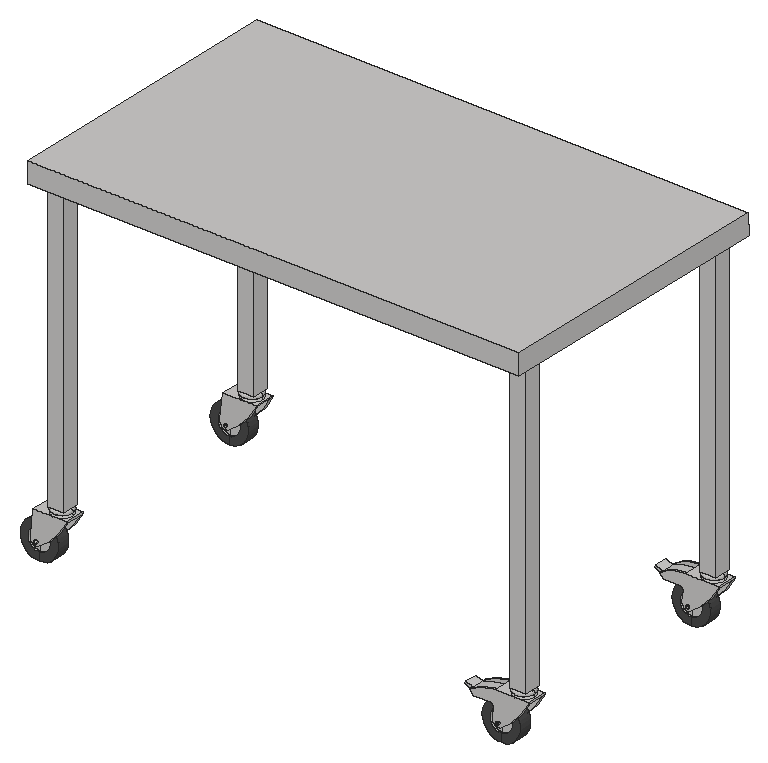
Revit family "QF_ZANUSSI_132835_TG1200PR", category Attrezzature speciali, Revit 2020
Family settings
  Quota connettore circolare = Usa diametro
  Tipo di parte = Normale
  Basato su piano di lavoro = No
  Sempre verticale = Sì
  Taglio con vuoti quando caricato = No
  Condiviso = No
  Punto di calcolo locali = No
Parameters (values of type "Standard")
  Weight = 40.00 kg
  Watts = 0 W
  Volts = 0 V
  URL Manufacturer = "http://www.zanussiprofessional.com"
  URL = "http://www.zanussiprofessional.com"
  Steam Supply Size = 0 mm
  Steam Supply Minimum Pressure = 0.0 Pa
  Steam Supply Maximum Pressure = 0.0 Pa
  Steam Consumption per Hour = 0
  Refrigeration Suction Line Size = 0.0 mm
  Refrigeration Liquid Line Size = 0.0 mm
  Refrigerant Compressor Remote = yes
  Prospetto di default = 0.0 mm
  Produttore = "Zanussi"
  Phase = 0
  Modello = "TG1200PR"
  Length Actual = 1200.0 mm  # constant formula
  Item Number = "132835"
  Hot Water Size = 0 mm
  Height Actual = 900.0 mm  # constant formula
  HP = "0 HP"
  Gas Size = 0 mm
  Gas KW = 0
  Gas Input Pressure = 0 W
  Direct Waste Size = 0 mm
  Descrizione = "WORK TABLE ON WHEELS 1200MM H900"
  Depth Actual = 700.0 mm  # constant formula
  Cycle = 0 Hz
  Condensate Return Size = 0 mm
  Compressed Air Volume = 0.0 L/s
  Compressed Air Size = 0 mm
  Compressed Air Pressure = 0.0 Pa
  Cold Water Size = 0 mm
  Accessory = yes
Reference planes
  plane 1 "Center (Front/Back)": y = 0
  plane 2: z = 0
  plane 3 "Center (Left/Right)": x = 0
  plane 4 "LEFT": x = -600
  plane 5 "RIGHT": x = 600
  plane 6 "BACK": y = 350
  plane 7 "FRONT": y = -350
  plane 8 "Base": z = 850
  plane 9 "TOP": z = 900
  plane 10: x = -564.5
  plane 11: x = 564.5
  plane 12: y = 290
  plane 13: y = -290
Forms (mm)
  Extrusion 1, solid, material "QF_Finishes_Stainless Steel"
    sketch origin (0, 0, 900) x (0, 1, 0) y (-1, 0, 0)
      loop
        line (350, 600) -> (-350, 600) -> (-350, -600) -> (350, -600) -> (350, 600)
    from 0 to -50
  Extrusion 2, solid, material "QF_Finishes_Stainless Steel"
    sketch origin (0, 0, 0) x (0, 1, 0) y (0, 0, 1)
      loop
        line (350, 900) -> (-350, 900) -> (-350, 850) -> (350, 850) -> (350, 900)
    from 600 to -600
Lines and regions (mm)
  symbolic lines
    curve 1: line (600, 350, 900) -> (-600, 350, 900)
    curve 2: line (-600, 350, 900) -> (-600, -350, 900)
    curve 3: line (-600, -350, 900) -> (600, -350, 900)
    curve 4: line (600, -350, 900) -> (600, 350, 900)
Dimensions and locks
  plane 4 "LEFT" to plane 5 "RIGHT" = 1200.0 mm
  equal spacing: plane 4 "LEFT", plane 3 "Center (Left/Right)", plane 5 "RIGHT"
  equal spacing: plane 6 "BACK", plane 1 "Center (Front/Back)", plane 7 "FRONT"
  plane 6 "BACK" to plane 7 "FRONT" = 700.0 mm
  plane 8 "Base" to level = 850.0 mm
  plane 9 "TOP" to level = 900.0 mm
  plane 6 "BACK" to plane 12 = 60.0 mm
  plane 13 to plane 7 "FRONT" = 60.0 mm
  plane 4 "LEFT" to plane 10 = 35.5 mm
  plane 11 to plane 5 "RIGHT" = 35.5 mm
  plane 10 to plane 11 = 1129.0 mm
  plane 12 to plane 13 = 580.0 mm
  aligned and locked: level to plane 2
  aligned and locked: plane 10 to nested 1
  aligned and locked: nested 1 to plane 13
  aligned and locked: plane 11 to nested 2
  aligned and locked: nested 2 to plane 13
  aligned and locked: plane 11 to nested 4
  aligned and locked: nested 4 to plane 12
  aligned and locked: plane 10 to nested 3
  aligned and locked: nested 3 to plane 12
  aligned and locked: Extrusion 1 sketch curve to plane 6 "BACK"
  aligned and locked: Extrusion 1 sketch curve to plane 4 "LEFT"
  aligned and locked: Extrusion 1 sketch curve to plane 7 "FRONT"
  aligned and locked: Extrusion 1 sketch curve to plane 5 "RIGHT"
  aligned and locked: plane 12 to nested 6
  aligned and locked: plane 11 to nested 6
  aligned and locked: plane 13 to nested 5
  aligned and locked: plane 10 to nested 5
  aligned and locked: plane 12 to nested 7
  aligned and locked: plane 10 to nested 7
  aligned and locked: plane 11 to nested 8
  aligned and locked: plane 13 to nested 8
  aligned and locked: Extrusion 2 sketch curve to plane 6 "BACK"
  aligned and locked: Extrusion 2 sketch curve to plane 9 "TOP"
  aligned and locked: plane 8 "Base" to Extrusion 2 sketch curve
  aligned and locked: plane 7 "FRONT" to Extrusion 2 sketch curve
  aligned and locked: Extrusion 2 to plane 4 "LEFT"
  aligned and locked: plane 5 "RIGHT" to Extrusion 2
  aligned and locked: plane 6 "BACK" to Extrusion 2
  aligned and locked: Extrusion 2 to plane 7 "FRONT"
Automatic sketch dimensions
  curve 2 to plane 4 "LEFT" = 0.0 mm
  curve 2 to plane 7 "FRONT" = 0.0 mm
  curve 2 to plane 6 "BACK" = 0.0 mm
  curve 1 to plane 5 "RIGHT" = 0.0 mm
Nested families
  nested 1: "FEET_40x40_WHEEL" at (-564.5, -290, 0), type "FEET_40x40_WHEEL"
  nested 2: "FEET_40x40_WHEEL" at (564.5, -290, 0), type "FEET_40x40_WHEEL"
  nested 3: "FEET_40x40_WHEEL" at (-564.5, 290, 0), type "FEET_40x40_WHEEL"
  nested 4: "FEET_40x40_WHEEL" at (564.5, 290, 0), type "FEET_40x40_WHEEL"
  nested 5: "WHEEL130" at (-564.5, -190.35, 0), type "WHEEL130"
    with Type Mark "", Status "", Specification by User "", Revision Code "", Installed By "", Identify Quantity as Lot yes, Furnished By "", Foodservice Equipment Identifier yes
  nested 6: "WHEEL130_LOCKED" at (564.5, 389.65, 0), type "WHEEL130_LOCKED"
    with Type Mark "", Status "", Specification by User "", Revision Code "", Installed By "", Identify Quantity as Lot yes, Furnished By "", Foodservice Equipment Identifier yes
  nested 7: "WHEEL130" at (-564.5, 389.65, 0), type "WHEEL130"
    with Type Mark "", Status "", Specification by User "", Revision Code "", Installed By "", Identify Quantity as Lot yes, Furnished By "", Foodservice Equipment Identifier yes
  nested 8: "WHEEL130_LOCKED" at (564.5, -190.35, 0), type "WHEEL130_LOCKED"
    with Type Mark "", Status "", Specification by User "", Revision Code "", Installed By "", Identify Quantity as Lot yes, Furnished By "", Foodservice Equipment Identifier yes
Definition of nested family "FEET_40x40_WHEEL"
  Parameters
    Default Elevation = 0.0 mm
    FEET = 850.0 mm
  Reference planes
    plane 1 "Center (Front/Back)": y = 0
    plane 2: z = 0
    plane 3 "Center (Left/Right)": x = 0
    plane 4: z = 850
  Forms (mm)
    Extrusion 1, solid
      sketch origin (0, 0, 0) x (1, 0, 0) y (0, 1, 0)
        loop
          line (-20, -20) -> (20, -20) -> (20, 20) -> (-20, 20) -> (-20, -20)
      from 130 to 845
    Extrusion 2, solid
      sketch origin (0, 0, 0) x (1, 0, 0) y (0, 1, 0)
        loop
          line (30, 30) -> (-30, 30) -> (-30, -30) -> (30, -30) -> (30, 30)
      from 845 to 850
  Lines and regions (mm)
    symbolic lines
      curve 1: line (0, -1.503, 0) -> (0, 1.508, 0)
      curve 2: line (1.561, 0, 0) -> (-1.439, 0, 0)
  Dimensions and locks
    "FEET": plane 4 to plane 2
    aligned and locked: level to plane 2
  Automatic sketch dimensions
    Extrusion 1 sketch curve to plane 3 "Center (Left/Right)" = 20.0 mm
    plane 3 "Center (Left/Right)" to Extrusion 1 sketch curve = 20.0 mm
    plane 1 "Center (Front/Back)" to Extrusion 1 sketch curve = 20.0 mm
    Extrusion 1 sketch curve to plane 1 "Center (Front/Back)" = 20.0 mm
    plane 3 "Center (Left/Right)" to Extrusion 2 sketch curve = 30.0 mm
    Extrusion 2 sketch curve to plane 1 "Center (Front/Back)" = 30.0 mm
    Extrusion 2 sketch curve to plane 3 "Center (Left/Right)" = 30.0 mm
    plane 1 "Center (Front/Back)" to Extrusion 2 sketch curve = 30.0 mm
    plane 1 "Center (Front/Back)" to curve 2 = 0.0 mm
    curve 1 to plane 3 "Center (Left/Right)" = 0.0 mm
    curve 2 to plane 3 "Center (Left/Right)" = 1.439 mm
    plane 3 "Center (Left/Right)" to curve 2 = 1.561 mm
    plane 1 "Center (Front/Back)" to curve 1 = 1.503 mm
    curve 1 to plane 1 "Center (Front/Back)" = 1.508 mm
Definition of nested family "WHEEL130"
  Parameters
    Weight = ""
    URL Manufacturer = ""
    URL Cutsheet = ""
    URL = ""
    Type Mark [instance] = ""
    Status [instance] = ""
    Specification by User [instance] = ""
    Specification by Manufacturer = ""
    Serial Number = ""
    Seismic Rating = ""
    SMACNA No = ""
    Revision Code [instance] = ""
    Default Elevation = 0.0 mm
    Omniclass Number and Title = ""
    NAFEM Spec ID Number = ""
    Model = ""
    MasterSpec. = ""
    Manufacturer = ""
    Installed By [instance] = ""
    Identify Quantity as Lot [instance] = yes
    Furnished By [instance] = ""
    Foodservice Equipment Identifier [instance] = yes
    Description = ""
    CSI MasterFormat = ""
    CSI Master Format = ""
    Assembly Code = ""
  Reference planes
    plane 1: z = 0
    plane 2 "Center (Front/Back)": y = -99.65
    plane 3 "Center (Left/Right)": x = 0
    plane 4 "TOP": z = 130
    plane 5 "Center X Caster": x = -44
  Forms (mm)
    Revolve 1, solid
      sketch origin (-44, -53.609, -25.504) x (0, -1, 0) y (0, 0, 1)
        loop
          line (26.04, 72.523) -> (26.04, 66.136) -> (35.372, 66.136) -> (35.372, 45.418) -> (31.533, 45.418) -> (31.533, 25.504) -> (60.548, 25.504) -> (60.548, 45.418) -> (56.709, 45.418) -> (56.709, 66.136) -> (66.04, 66.136) -> (66.04, 72.523) -> (26.04, 72.523)
        loop
          line (71.04, 69.259) -> (72.755, 69.259) -> (74.056, 70.56) -> (74.056, 72.523) -> (71.04, 72.523) -> (71.04, 69.259)
        loop
          line (21.099, 69.259) -> (21.099, 72.523) -> (18.053, 72.523) -> (18.053, 70.56) -> (19.353, 69.259) -> (21.099, 69.259)
        axis (18.053, 72.523) -> (74.056, 72.523)
      angle from 0 to 360
    Extrusion 2, solid
      sketch origin (0, -99.65, 0) x (-1, 0, 0) y (0, 0, 1)
        loop
          line (51.098, 117.019) -> (-30.875, 117.019) -> (-30.453, 113.093)
          arc (-30.453, 113.093) -> (-1.61, 71.515) -> (37.622, 39.556) r 180.858
          arc (37.622, 39.556) -> (51.933, 40.484) -> (57.92, 53.515) r 14
          line (57.92, 53.515) -> (51.098, 117.019)
        loop
          circle (44, 47.019) r 3.264
      from -20 to -25
    Extrusion 3, solid
      sketch origin (0, -99.65, 0) x (-1, 0, 0) y (0, 0, 1)
        loop
          line (51.098, 117.019) -> (-30.875, 117.019) -> (-30.453, 113.093)
          arc (-30.453, 113.093) -> (-1.61, 71.515) -> (37.622, 39.556) r 180.858
          arc (37.622, 39.556) -> (51.933, 40.484) -> (57.92, 53.515) r 14
          line (57.92, 53.515) -> (51.098, 117.019)
        loop
          circle (44, 47.019) r 3.264
      from 20 to 25
    Revolve 4, solid
      sketch origin (0, -99.65, 0) x (-1, 0, 0) y (0, 0, 1)
        loop
          line (0, 130) -> (-20, 130)
          arc (-20, 130) -> (-23.905, 128.171) -> (-25, 124) r 5.083
          line (-25, 124) -> (-22.422, 124) -> (-22.422, 121.88) -> (-24.688, 117.019) -> (0, 117.019) -> (0, 130)
        axis (0, 130) -> (0, 117.019)
      angle from 0 to 360
    Extrusion 5, solid
      sketch origin (0, -99.65, 0) x (-1, 0, 0) y (0, 0, 1)
        loop
          line (-30.875, 117.019) -> (-30.453, 113.093) -> (51.519, 113.093) -> (51.098, 117.019) -> (-30.875, 117.019)
      from -20 to 20
  Cuts and joins
    joined: Extrusion 2, Extrusion 3, Extrusion 5
  Lines and regions (mm)
    symbolic lines
      curve 1: line (-10, -99.65, 0) -> (10, -99.65, 0)
      curve 2: line (0, -108.445, 0) -> (0, -90.405, 0)
  Dimensions and locks
    plane 4 "TOP" to level = 130.0 mm  (x3)
    aligned and locked: level to plane 1
Definition of nested family "WHEEL130_LOCKED"
  Parameters
    Weight = ""
    URL Manufacturer = ""
    URL Cutsheet = ""
    URL = ""
    Type Mark [instance] = ""
    Status [instance] = ""
    Specification by User [instance] = ""
    Specification by Manufacturer = ""
    Serial Number = ""
    Seismic Rating = ""
    SMACNA No = ""
    Revision Code [instance] = ""
    Default Elevation = 0.0 mm
    Omniclass Number and Title = ""
    NAFEM Spec ID Number = ""
    Model = ""
    MasterSpec. = ""
    Manufacturer = ""
    Installed By [instance] = ""
    Identify Quantity as Lot [instance] = yes
    Furnished By [instance] = ""
    Foodservice Equipment Identifier [instance] = yes
    Description = ""
    CSI MasterFormat = ""
    CSI Master Format = ""
    Assembly Code = ""
  Reference planes
    plane 1: z = 0
    plane 2 "Center (Front/Back)": y = -99.65
    plane 3 "Center (Left/Right)": x = 0
    plane 4 "TOP": z = 130
    plane 5 "Center X Caster": x = -44
  Forms (mm)
    Revolve 1, solid
      sketch origin (-44, -53.609, -25.504) x (0, -1, 0) y (0, 0, 1)
        loop
          line (26.04, 72.523) -> (26.04, 66.136) -> (35.372, 66.136) -> (35.372, 45.418) -> (31.533, 45.418) -> (31.533, 25.504) -> (60.548, 25.504) -> (60.548, 45.418) -> (56.709, 45.418) -> (56.709, 66.136) -> (66.04, 66.136) -> (66.04, 72.523) -> (26.04, 72.523)
        loop
          line (71.04, 69.259) -> (72.755, 69.259) -> (74.056, 70.56) -> (74.056, 72.523) -> (71.04, 72.523) -> (71.04, 69.259)
        loop
          line (21.099, 69.259) -> (21.099, 72.523) -> (18.053, 72.523) -> (18.053, 70.56) -> (19.353, 69.259) -> (21.099, 69.259)
        axis (18.053, 72.523) -> (74.056, 72.523)
      angle from 0 to 360
    Extrusion 2, solid
      sketch origin (0, -99.65, 0) x (-1, 0, 0) y (0, 0, 1)
        loop
          line (56.125, 117.019) -> (-30.875, 117.019) -> (-30.453, 113.093)
          arc (-30.453, 113.093) -> (-1.61, 71.515) -> (37.622, 39.556) r 180.858
          arc (37.622, 39.556) -> (51.933, 40.484) -> (57.92, 53.515) r 14
          line (57.92, 53.515) -> (55.234, 78.516)
          arc (55.234, 78.516) -> (57.071, 84.203) -> (62.528, 86.637) r 7.337
          line (62.528, 86.637) -> (102.952, 86.637) -> (113.559, 97.243)
          arc (113.559, 97.243) -> (85.909, 110.231) -> (56.125, 117.019) r 142.32
        loop
          circle (44, 47.019) r 3.264
      from -20 to -25
    Extrusion 3, solid
      sketch origin (0, -99.65, 0) x (-1, 0, 0) y (0, 0, 1)
        loop
          line (56.125, 117.019) -> (-30.875, 117.019) -> (-30.453, 113.093)
          arc (-30.453, 113.093) -> (-1.61, 71.515) -> (37.622, 39.556) r 180.858
          arc (37.622, 39.556) -> (51.933, 40.484) -> (57.92, 53.515) r 14
          line (57.92, 53.515) -> (55.234, 78.516)
          arc (55.234, 78.516) -> (57.071, 84.203) -> (62.528, 86.637) r 7.337
          line (62.528, 86.637) -> (102.952, 86.637) -> (113.559, 97.243)
          arc (113.559, 97.243) -> (85.909, 110.231) -> (56.125, 117.019) r 142.32
        loop
          circle (44, 47.019) r 3.264
      from 20 to 25
    Extrusion 4, solid
      sketch origin (0, -99.65, 0) x (-1, 0, 0) y (0, 0, 1)
        loop
          line (133.012, 98.841) -> (130.309, 103.34) -> (113.559, 97.243)
          arc (113.559, 97.243) -> (84.897, 105.851) -> (55.427, 111.06) r 256.377
          line (55.427, 111.06) -> (44.82, 111.06)
          arc (44.82, 111.06) -> (37.781, 106.584) -> (38.85, 98.311) r 7.772
          line (38.85, 98.311) -> (105.452, 92.484) -> (114.112, 87.484) -> (133.012, 98.841)
        loop
          circle (44, 105.324) r 3.494
      from -14.507 to 14.507
    Extrusion 5, solid
      sketch origin (0, -99.65, 0) x (-1, 0, 0) y (0, 0, 1)
        loop
          circle (44, 105.324) r 3.494
      from -20 to 20
    Revolve 6, solid
      sketch origin (0, -99.65, 0) x (-1, 0, 0) y (0, 0, 1)
        loop
          line (0, 130) -> (-20, 130)
          arc (-20, 130) -> (-23.905, 128.171) -> (-25, 124) r 5.083
          line (-25, 124) -> (-22.422, 124) -> (-22.422, 121.88) -> (-24.688, 117.019) -> (0, 117.019) -> (0, 130)
        axis (0, 130) -> (0, 117.019)
      angle from 0 to 360
    Extrusion 7, solid
      sketch origin (0, -99.65, 0) x (-1, 0, 0) y (0, 0, 1)
        loop
          line (-30.875, 117.019) -> (-30.453, 113.093) -> (51.519, 113.093) -> (51.098, 117.019) -> (-30.875, 117.019)
      from -20 to 20
  Cuts and joins
    joined: Extrusion 2, Extrusion 3, Extrusion 7
  Lines and regions (mm)
    symbolic lines
      curve 1: line (11.908, -99.65, 0) -> (-11.403, -99.65, 0)
      curve 2: line (0, -111.652, 0) -> (0, -88.928, 0)
  Dimensions and locks
    plane 4 "TOP" to level = 130.0 mm  (x3)
    aligned and locked: level to plane 1
